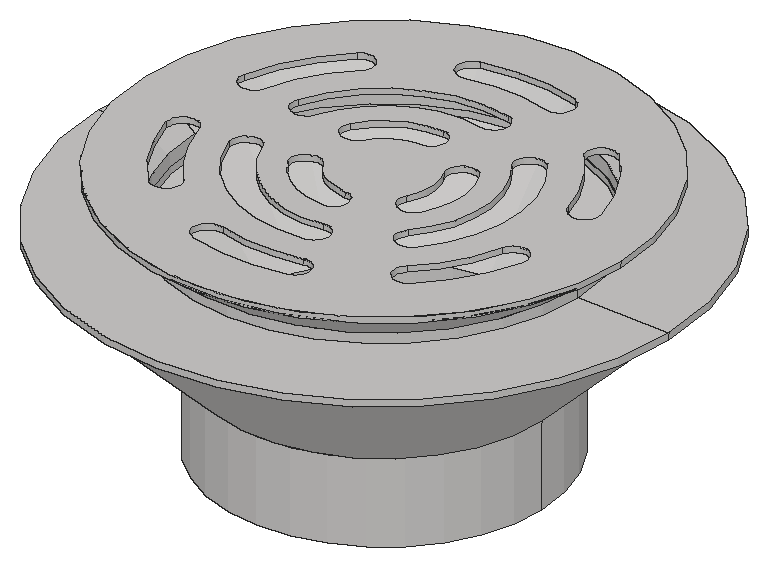
Revit family "PlumbingFixture_Grate_Galvin_G150V-Slip", category Plumbing Fixtures, host Face, Revit 2011
Parameters (values of type "303198X - ST/ST 316")
  URL = "www.galvinengineering.com.au"
  Type Comments = "Round Vinyl"
  StyleOrType_ANZRS = "Grate"
  ModifiedIssue_ANZRS = 20140526.01  # constant formula
  Model = "303198X - ST/ST 316"
  Manufacturer = "Galvin Engineering"
  Keynote = "10800"
  Instructions = "http://www.galvinengineering.com.au/Installation_Guides_1.aspx"
  GrateMaterial = Metal_Drains_Stainless-Steel_15400
  FilterObject_ANZRS = "GV-Slip"
  OutletRadius_DoNotEdit = 50 mm
  DimTop = 150 mm  # constant formula
  DimOutlet = if(OutletRadius_DoNotEdit > 0 mm, (OutletRadius_DoNotEdit * 2), (OutletRadius_DoNotEdit * 2))  # 100 mm
  DimHeight = 64 mm
  DimDepth = 25 mm  # constant formula
  Description = "Round Vinyl Slip-In Floor Drain - Grate Assembly"
  Default Elevation = 0 mm
  CreatedBy_ANZRS = "Galvin Engineering"
  CreatedByURL_ANZRS = "www.galvinengineering.com.au"
  CreatedByPhoneNo_ANZRS = "61-8-92495900"
  Circulation_ANZRS = yes
  CHWFlow_ANZRS = 3.7 L/s
  Assembly Code = "D2040200"
  Application = "PVC/HDPE/Cu"
Reference planes
  plane 1 "Center (Front/Back)": y = 0
  plane 2 "Face": z = 0
  plane 3 "Center (Left/Right)": x = 0
  plane 4 "Depth": z = -39
  plane 5 "Bottom": z = -64
  plane 6 "Left": x = -75
  plane 7 "Right": x = 75
Forms (mm)
  Revolve 1, solid, material "Metal_Drains_Stainless-Steel_15400" <- "GrateMaterial"
    sketch origin (0, 0, 0) x (1, 0, 0) y (0, 0, 1)
      loop
        line (50.023, -38.959) -> (88, -2) -> (90, -2) -> (90, 0) -> (59.292, 0) -> (59.292, -2) -> (85.515, -2) -> (48.023, -38.436) -> (48.023, -64) -> (50.023, -64) -> (50.023, -38.959)
      axis (0, 0) -> (0, -64)
    angle from 0 to 360
  Extrusion 2, solid, material "Metal_Drains_Stainless-Steel_15400" <- "GrateMaterial"
    sketch origin (0, 0, 0) x (1, 0, 0) y (0, 1, 0)
      loop
        circle (0, 0) r 75
      loop
        arc (-41.515, 41.216) -> (-50.662, 29.25) -> (-56.451, 15.345) r 58.5
        arc (-56.451, 15.345) -> (-53.289, 9.823) -> (-47.767, 12.985) r 4.5
        arc (-47.767, 12.985) -> (-42.868, 24.75) -> (-35.128, 34.875) r 49.5
        arc (-35.128, 34.875) -> (-35.151, 41.239) -> (-41.515, 41.216) r 4.5
      loop
        arc (12.638, 47.859) -> (18.138, 51.061) -> (14.936, 56.561) r 4.5
        arc (14.936, 56.561) -> (0, 58.5) -> (-14.936, 56.561) r 58.5
        arc (-14.936, 56.561) -> (-18.138, 51.061) -> (-12.638, 47.859) r 4.5
        arc (-12.638, 47.859) -> (0, 49.5) -> (12.638, 47.859) r 49.5
      loop
        arc (47.767, 12.985) -> (53.289, 9.823) -> (56.451, 15.345) r 4.5
        arc (56.451, 15.345) -> (50.662, 29.25) -> (41.515, 41.216) r 58.5
        arc (41.515, 41.216) -> (35.151, 41.239) -> (35.128, 34.875) r 4.5
        arc (35.128, 34.875) -> (42.868, 24.75) -> (47.767, 12.985) r 49.5
      loop
        arc (35.128, -34.875) -> (35.151, -41.239) -> (41.515, -41.216) r 4.5
        arc (41.515, -41.216) -> (50.662, -29.25) -> (56.451, -15.345) r 58.5
        arc (56.451, -15.345) -> (53.289, -9.823) -> (47.767, -12.985) r 4.5
        arc (47.767, -12.985) -> (42.868, -24.75) -> (35.128, -34.875) r 49.5
      loop
        arc (-12.638, -47.859) -> (-18.138, -51.061) -> (-14.936, -56.561) r 4.5
        arc (-14.936, -56.561) -> (0, -58.5) -> (14.936, -56.561) r 58.5
        arc (14.936, -56.561) -> (18.138, -51.061) -> (12.638, -47.859) r 4.5
        arc (12.638, -47.859) -> (0, -49.5) -> (-12.638, -47.859) r 49.5
      loop
        arc (-47.767, -12.985) -> (-53.289, -9.823) -> (-56.451, -15.345) r 4.5
        arc (-56.451, -15.345) -> (-50.662, -29.25) -> (-41.515, -41.216) r 58.5
        arc (-41.515, -41.216) -> (-35.151, -41.239) -> (-35.128, -34.875) r 4.5
        arc (-35.128, -34.875) -> (-42.868, -24.75) -> (-47.767, -12.985) r 49.5
      loop
        arc (-29.676, -10.562) -> (-35.425, -7.832) -> (-38.155, -13.58) r 4.5
        arc (-38.155, -13.58) -> (-20.25, -35.074) -> (7.317, -39.834) r 40.5
        arc (7.317, -39.834) -> (10.93, -34.595) -> (5.691, -30.982) r 4.5
        arc (5.691, -30.982) -> (-15.75, -27.28) -> (-29.676, -10.562) r 31.5
      loop
        arc (-12.837, -7.76) -> (-19.016, -6.237) -> (-20.539, -12.416) r 4.5
        arc (-20.539, -12.416) -> (-12, -20.785) -> (-0.483, -23.995) r 24
        arc (-0.483, -23.995) -> (4.106, -19.587) -> (-0.302, -14.997) r 4.5
        arc (-0.302, -14.997) -> (-7.5, -12.99) -> (-12.837, -7.76) r 15
      loop
        arc (-0.302, 14.997) -> (4.106, 19.587) -> (-0.483, 23.995) r 4.5
        arc (-0.483, 23.995) -> (-12, 20.785) -> (-20.539, 12.416) r 24
        arc (-20.539, 12.416) -> (-19.016, 6.237) -> (-12.837, 7.76) r 4.5
        arc (-12.837, 7.76) -> (-7.5, 12.99) -> (-0.302, 14.997) r 15
      loop
        arc (5.691, 30.982) -> (10.93, 34.595) -> (7.317, 39.834) r 4.5
        arc (7.317, 39.834) -> (-20.25, 35.074) -> (-38.155, 13.58) r 40.5
        arc (-38.155, 13.58) -> (-35.425, 7.832) -> (-29.676, 10.562) r 4.5
        arc (-29.676, 10.562) -> (-15.75, 27.28) -> (5.691, 30.982) r 31.5
      loop
        arc (23.985, -20.419) -> (24.495, -26.763) -> (30.838, -26.254) r 4.5
        arc (30.838, -26.254) -> (40.5, 0) -> (30.838, 26.254) r 40.5
        arc (30.838, 26.254) -> (24.495, 26.763) -> (23.985, 20.419) r 4.5
        arc (23.985, 20.419) -> (31.5, 0) -> (23.985, -20.419) r 31.5
      loop
        arc (21.022, -11.579) -> (24, 0) -> (21.022, 11.579) r 24
        arc (21.022, 11.579) -> (14.909, 13.35) -> (13.139, 7.237) r 4.5
        arc (13.139, 7.237) -> (15, 0) -> (13.139, -7.237) r 15
        arc (13.139, -7.237) -> (14.909, -13.35) -> (21.022, -11.579) r 4.5
    from 15 to 13.3
  Revolve 3, solid, material "Metal_Drains_Stainless-Steel_15400" <- "GrateMaterial"
    sketch origin (-0.147, 0, 0) x (1, 0, 0) y (0, 0, 1)
      loop
        line (74.731, 13.348) -> (71.475, 13.348) -> (59.438, 3.978) -> (59.438, 0) -> (61.438, 0) -> (61.438, 3) -> (74.731, 13.348)
      axis (0, 13.348) -> (0, 0)
    angle from 0 to 360
  Revolve 4, void
    sketch origin (0, 0, 0) x (1, 0, 0) y (0, 0, 1)
      loop
        line (50.023, -38.959) -> (88, -2) -> (90, -2) -> (90, 0) -> (0, 0) -> (0, -64) -> (50.023, -64) -> (50.023, -38.959)
      axis (0, 0) -> (0, -64)
    angle from 0 to 360
Lines and regions (mm)
  symbolic lines, style "Waste Outlets", detail levels medium+fine
    curve 1: circle (0, 0, 0) r 67.5 normal (0, 0, 1)
    curve 3: circle (-54.75, 0, 0) r 2.602 normal (0, 0, 1)
    curve 5: circle (27.375, -47.415, 0) r 2.603 normal (0, 0, 1)
    curve 7: circle (27.375, 47.415, 0) r 2.603 normal (0, 0, 1)
  symbolic lines, style "Waste Outlets"
    curve 2: circle (-54.75, 0, 0) r 7.5 normal (0, 0, 1)
    curve 4: circle (27.375, -47.415, 0) r 7.739 normal (0, 0, 1)
    curve 6: circle (27.375, 47.415, 0) r 7.5 normal (0, 0, 1)
Dimensions and locks
  "DimDepth": plane 4 "Depth" to plane 5 "Bottom"
  "DimHeight": host face to plane 5 "Bottom"
  "DimTop": plane 6 "Left" to plane 7 "Right"
  aligned and locked: plane 2 "Face" to host face
  aligned and locked: level to host face
  aligned and locked: Revolve 1 sketch curve to plane 5 "Bottom"
  aligned and locked: Revolve 4 sketch curve to plane 5 "Bottom"
Automatic sketch dimensions
  host sketch curve to host sketch curve = 400 mm  (x2)
  plane 1 "Center (Front/Back)" to Extrusion 2 sketch curve = 0 mm
  Extrusion 2 sketch curve to plane 3 "Center (Left/Right)" = 0 mm
  Revolve 3 sketch curve to level = 0 mm
  Revolve 3 sketch curve to plane 4 "Depth" = 10.491 mm
  level to Revolve 3 sketch curve = 3.978 mm
  Revolve 3 sketch curve to Revolve 3 sketch curve = 10.037 mm
  Revolve 3 sketch curve to Revolve 3 sketch curve = 3.256 mm
  Revolve 3 sketch curve to Revolve 3 sketch curve = 0.978 mm
  level to Revolve 3 sketch curve = 13.348 mm
  level to Revolve 3 sketch curve = 32.491 mm
  Revolve 3 sketch curve to Revolve 3 sketch curve = 2 mm
  Revolve 3 sketch curve to Revolve 3 sketch curve = 59.438 mm
  Revolve 1 sketch curve to plane 3 "Center (Left/Right)" = 0 mm
  Revolve 1 sketch curve to plane 4 "Depth" = 0.564 mm
  plane 3 "Center (Left/Right)" to Revolve 1 sketch curve = 48.023 mm
  Revolve 1 sketch curve to Revolve 1 sketch curve = 2 mm  (x4)
  Revolve 1 sketch curve to Revolve 1 sketch curve = 30.708 mm
  plane 5 "Bottom" to Revolve 1 sketch curve = 29.509 mm
  Revolve 1 sketch curve to plane 4 "Depth" = 0.041 mm
  level to Revolve 1 sketch curve = 22.491 mm
  Revolve 1 sketch curve to level = 0 mm
  Revolve 4 sketch curve to plane 3 "Center (Left/Right)" = 0 mm  (x2)
  Revolve 4 sketch curve to Revolve 4 sketch curve = 50.023 mm
  Revolve 4 sketch curve to Revolve 4 sketch curve = 2 mm  (x2)
  plane 5 "Bottom" to Revolve 4 sketch curve = 29.509 mm
  Revolve 4 sketch curve to plane 4 "Depth" = 0.041 mm
  level to Revolve 4 sketch curve = 22.491 mm
  Revolve 4 sketch curve to level = 0 mm
  Revolve 3 sketch curve to plane 3 "Center (Left/Right)" = 0.147 mm
  plane 3 "Center (Left/Right)" to Revolve 1 sketch curve = 59.292 mm
  Revolve 1 sketch curve to Revolve 1 sketch curve = 2.485 mm
  Revolve 4 sketch curve to Revolve 4 sketch curve = 37.977 mm
  curve 2 to curve 3 = 0 mm  (x2)
  curve 4 to curve 5 = 0 mm  (x2)
  curve 6 to curve 7 = 0 mm  (x2)
  plane 1 "Center (Front/Back)" to curve 2 = 0 mm
  plane 1 "Center (Front/Back)" to curve 1 = 0 mm
  curve 1 to plane 3 "Center (Left/Right)" = 0 mm
  curve 3 to plane 6 "Left" = 20.25 mm
  plane 3 "Center (Left/Right)" to curve 6 = 27.375 mm
  plane 3 "Center (Left/Right)" to curve 5 = 27.375 mm
  plane 1 "Center (Front/Back)" to curve 4 = 47.415 mm
  curve 7 to plane 1 "Center (Front/Back)" = 47.415 mm
  Extrusion 2 sketch curve to Extrusion 2 sketch curve = 0 mm  (x83)
  Extrusion 2 sketch curve to plane 3 "Center (Left/Right)" = 35.128 mm
  Extrusion 2 sketch curve to Extrusion 2 sketch curve = 3.193 mm  (x4)
  Extrusion 2 sketch curve to Extrusion 2 sketch curve = 12.638 mm  (x3)
  Extrusion 2 sketch curve to Extrusion 2 sketch curve = 4.342 mm  (x4)
  Extrusion 2 sketch curve to plane 1 "Center (Front/Back)" = 12.985 mm  (x2)
  Extrusion 2 sketch curve to plane 3 "Center (Left/Right)" = 14.936 mm  (x2)
  Extrusion 2 sketch curve to Extrusion 2 sketch curve = 1.149 mm  (x4)
  plane 3 "Center (Left/Right)" to Extrusion 2 sketch curve = 12.638 mm  (x2)
  Extrusion 2 sketch curve to Extrusion 2 sketch curve = 12.985 mm  (x2)
  Extrusion 2 sketch curve to Extrusion 2 sketch curve = 22.49 mm
  plane 3 "Center (Left/Right)" to Extrusion 2 sketch curve = 35.128 mm
  plane 1 "Center (Front/Back)" to Extrusion 2 sketch curve = 12.985 mm
  Extrusion 2 sketch curve to plane 6 "Left" = 18.549 mm
  Extrusion 2 sketch curve to Extrusion 2 sketch curve = 6.251 mm
  Extrusion 2 sketch curve to Extrusion 2 sketch curve = 6.644 mm
  Extrusion 2 sketch curve to Extrusion 2 sketch curve = 9.611 mm  (x2)
  Extrusion 2 sketch curve to Extrusion 2 sketch curve = 4.239 mm  (x2)
  plane 3 "Center (Left/Right)" to Extrusion 2 sketch curve = 5.691 mm  (x2)
  Extrusion 2 sketch curve to Extrusion 2 sketch curve = 0.813 mm  (x2)
  Extrusion 2 sketch curve to Extrusion 2 sketch curve = 8.026 mm
  Extrusion 2 sketch curve to Extrusion 2 sketch curve = 9.138 mm
  Extrusion 2 sketch curve to Extrusion 2 sketch curve = 3.851 mm  (x2)
  Extrusion 2 sketch curve to plane 3 "Center (Left/Right)" = 0.483 mm  (x2)
  Extrusion 2 sketch curve to plane 3 "Center (Left/Right)" = 0.393 mm  (x2)
  Extrusion 2 sketch curve to Extrusion 2 sketch curve = 6.986 mm
  Extrusion 2 sketch curve to plane 1 "Center (Front/Back)" = 12.416 mm
  Extrusion 2 sketch curve to plane 3 "Center (Left/Right)" = 20.539 mm
  Extrusion 2 sketch curve to Extrusion 2 sketch curve = 1.854 mm
  Extrusion 2 sketch curve to Extrusion 2 sketch curve = 11.143 mm  (x2)
  Extrusion 2 sketch curve to Extrusion 2 sketch curve = 3.426 mm  (x2)
  Extrusion 2 sketch curve to Extrusion 2 sketch curve = 8.621 mm
  plane 1 "Center (Front/Back)" to Extrusion 2 sketch curve = 7.237 mm
  plane 3 "Center (Left/Right)" to Extrusion 2 sketch curve = 13.139 mm  (x2)
  Extrusion 2 sketch curve to plane 1 "Center (Front/Back)" = 7.237 mm
  Extrusion 2 sketch curve to Extrusion 2 sketch curve = 3.942 mm  (x2)
  radius of Extrusion 2 sketch curve = 75 mm
  radius of curve 1 = 67.5 mm
  radius of curve 2 = 7.5 mm
  radius of curve 3 = 2.602 mm
  radius of curve 4 = 7.739 mm
  radius of curve 5 = 2.603 mm
  radius of curve 6 = 7.5 mm
  radius of curve 7 = 2.603 mm
Connectors
  piping at (0, 0, -64), driven by "OutletRadius_DoNotEdit"
    settings: on Revolve 1, index 1, connector radius 1.9685", flow factor 0, pipe flow 0.0 L/s, pressure drop 0.00 psi, fitting loss kfactor 0, connector angle 0.00°, fixture units 0, engagement length 0 mm, flow configuration 0, flow direction 0, fitting loss method 0, system type 28, joint type 0, gender type 0, connector reference index -1, connector utility 0, adjustable connector no, is connector primary yes, fitting loss table "", connector description ""
